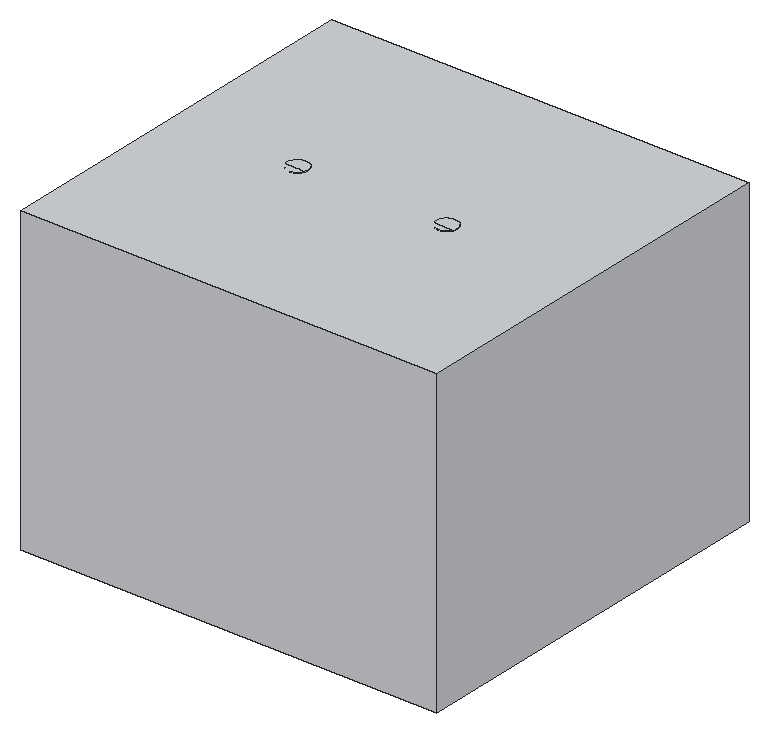
Revit family "IS_Ceraplan_B3697_BIM_GB", category Plumbing Fixtures, host Face, Revit 2014
Parameters (values of type "B3697AA - Ceraplan Bath Shower Mixer Exposed Wall Mounted Single Lever")
  WorkingPressure = "3 Bar"
  WaterEfficientProduct = no
  WarrantyStartDate [instance] = "1900-12-31T23:59:59"
  WarrantyGuarantorParts = "Productinfo@thebluebook.co.uk"
  WarrantyGuarantorLabor = "n/a"
  WarrantyDurationUnit = "year"
  WarrantyDurationParts = "5"
  WarrantyDurationLabor = "n/a"
  WarrantyDescription = "Manufacturers Warranty"
  WRAS = no
  WFU = 0
  VolumeUnits = "Litres"
  Version = "2"
  ValvePattern = "n/a"
  ValveOperation = "n/a"
  ValveMechanism = "n/a"
  Uniclass2 = "n/a"
  URL = "www.idealspec.co.uk"
  Type Comments = "n/a"
  TestPressure = "10 Bar"
  TagNumber [instance] = "n/a"
  TMV3 = no
  SustainabilityPerformance = "n/a"
  SpareParts = "www.fastpart-spares.co.uk"
  Space = "Internal"
  Size = "122 x 182 x 220 mm"
  Shape = "Sculptured"
  SerialNumber [instance] = "n/a"
  Revision = "n/a"
  ReplacementCost = "n/a"
  Reference = "n/a"
  ProductInformation = "www.idealspec.co.uk/assets/datasheet/B3697AA"
  Phone = "01482 346461"
  NominalWidth = 219.996 mm
  NominalLength = 181.632 mm
  NominalHeight = 121.103 mm
  NettWeight = "2 Kg"
  Name = "BathTaps_Ceraplan_B3697AA_IdealStandard"
  NBSTypeID = "n/a"
  NBSReference = "45-35-70/315"
  NBSOfficeMasterTag = "n/a"
  NBSNote = "n/a"
  NBSDescription = "Water supply fittings for baths"
  NBSCertification = "n/a"
  ModelReference = Description  # "Ceraplan bath shower mixer exposed wall mounted single lever"
  ModelNumber = Model  # "B3697AA"
  Model = "B3697AA"
  Material = "Brass"
  ManufacturerURL = "www.idealspec.co.uk"
  Manufacturer = "Productinfo@thebluebook.co.uk"
  LinearUnits = "millimeters"
  InstallationInstructions = "www.idealspec.co.uk/resources.html"
  InstallationDate [instance] = "1900-12-31T23:59:59"
  IfcExportType = "FAUCET"
  IfcExportAs = "IfcValveType"
  Help = "www.idealspec.co.uk/contact-us.html"
  HWFU = 0
  GrossWeight = "n/a"
  Grade = "n/a"
  FlowRate = "11L/min @ 3Bar"
  FlowCoefficient = "n/a"
  Finish = "Chrome"
  Features = "Bath shower mixer exposed wall mounted single lever"
  FaucetType = "OTHER"
  FaucetTopDescription = "n/a"
  FaucetOperation = "LEVERHANDLE"
  FaucetFunction = "MIXED"
  ExpectedLife = "30"
  ECA = no
  DurationUnit = "year"
  DistributedBy = "n/a"
  Description = "Ceraplan bath shower mixer exposed wall mounted single lever"
  Default Elevation = 0 mm
  CurrencyUnit = "n/a"
  CreatedOn = "2016-07-20"
  Cost = 0
  Constituents = "n/a"
  ConnectionType = "Plumbing"
  Color = "Chrome"
  CodePerformance = ""
  CloseOffRating = "n/a"
  Category = "n/a"
  CWFU = 0
  Brand = "Ideal Standard"
  BarCode = "3800019242197"
  BREEAMApproved = no
  BIMObjectName = "ISI_IdealStandard_BathTaps_Ceraplan_B3697AA"
  Author = "Ideal Standard (UK) Ltd"
  AssetType = "Fixed"
  AssetIdentifier [instance] = "n/a"
  Assembly Code = "C1030200"
  AreaUnits = "millimeters"
  AreaMeasurement = "n/a"
  Accessories = "www.idealspec.co.uk"
  AccessibilityPerformance = "n/a"
Reference planes
  plane 1 "Center (Front/Back)": y = 0
  plane 2: z = 0
  plane 3 "Center (Left/Right)": x = 0
  plane 4: x = 75
  plane 5: x = 109.998
  plane 6: x = -109.998
  plane 7: z = 181.632
  plane 8: y = -34.865
  plane 9: y = 86.238
Forms (mm)
  Extrusion 1, solid
    sketch origin (-2.122, -192.856, 0) x (1, 0, 0) y (0, 1, 0)
      loop
        line (-197.878, 392.856) -> (-197.878, 0.823) -> (220.32, 0.823) -> (220.32, 392.856) -> (-197.878, 392.856)
    from 0 to -304.8
  Extrusion 2, solid, detail levels medium+fine
    sketch origin (0, 0, 0) x (1, 0, 0) y (0, 1, 0)
      loop
        circle (75, 0) r 10.5
      loop
        circle (-75, 0) r 10.5
    from 0 to -30
Dimensions and locks
  "NominalWidth": plane 6 to plane 5
  "NominalLength": plane 7 to level
  "NominalHeight": plane 9 to plane 8
  aligned and locked: plane 2 to Extrusion 1
  aligned and locked: level to Extrusion 1
  aligned and locked: nested 1 to plane 2
  aligned and locked: plane 3 "Center (Left/Right)" to nested 2
  aligned and locked: nested 2 to level
Automatic sketch dimensions
  Extrusion 1 sketch curve to Extrusion 1 sketch curve = 418.198 mm
  Extrusion 1 sketch curve to Extrusion 1 sketch curve = 392.033 mm
  plane 1 "Center (Front/Back)" to Extrusion 2 sketch curve = 0 mm  (x2)
  Extrusion 2 sketch curve to plane 4 = 0 mm
  plane 6 to Extrusion 2 sketch curve = 34.998 mm
  radius of Extrusion 2 sketch curve = 10.5 mm  (x2)
Nested families
  nested 1: "b3697aa_bim" at (0, -22.37, 25.8), type "b3697aa_bim", detail levels medium+fine
  nested 2: "IS_Ceraplan_B3697_BIM_GB-Elevation-Back" at (0, 0, 0) x (1, 0, 0) z (0, -1, 0), type "IS_Ceraplan_B3697_BIM_GB-Elevation-Back"
Connectors
  piping at (75, 0, -30), diameter 21
    settings: on Extrusion 2, index 1, connector inside diameter 0.82677", connector length 0 mm, flow factor 0, pipe flow 0 GPM, pressure drop 0.00 psi, fitting loss kfactor 0, connector angle 0.00°, fixture units 0, engagement length 0 mm, angle of deflection 0.00°, flow configuration 2, flow direction 1, fitting loss method 0, system type 20, joint type 0, gender type 0, connector reference index -1, connector utility 0, adjustable connector no, is connector primary yes, connector description ""
  piping at (-75, 0, -30), diameter 21
    settings: on Extrusion 2, index 2, connector inside diameter 0.82677", connector length 0 mm, flow factor 0, pipe flow 0 GPM, pressure drop 0.00 psi, fitting loss kfactor 0, connector angle 0.00°, fixture units 0, engagement length 0 mm, angle of deflection 0.00°, flow configuration 2, flow direction 1, fitting loss method 0, system type 19, joint type 0, gender type 0, connector reference index -1, connector utility 0, adjustable connector no, is connector primary no, connector description ""
Definition of nested family "b3697aa_bim"
  Parameters (values of type "b3697aa_bim")
    URL = ""
    Type Comments = ""
    Model = ""
    Manufacturer = ""
    Description = ""
    Cost = 0
  Reference planes
    plane 1: y = 0
    plane 2: z = 0
    plane 3: x = 0
  Imported bodies without a history: 1
Definition of nested family "IS_Ceraplan_B3697_BIM_GB-Elevation-Back"
  Reference planes
    plane 1 "Center (Front/Back)": y = 0
    plane 2: z = 0
    plane 3 "Center (Left/Right)": x = 0
  Dimensions and locks
    aligned and locked: import instance to plane 3 "Center (Left/Right)"
    aligned and locked: plane 1 "Center (Front/Back)" to import instance
